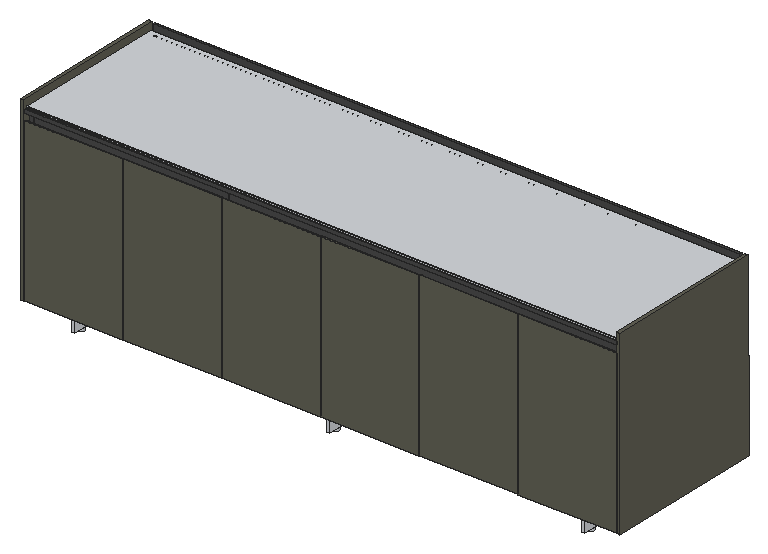
Revit family "Storage-Teknion-CW3B_C+D_Three_Storage_Credenza_29_Height_Low_Base-R2020", category Furniture, Revit 2020
Family settings
  OmniClass Number = 23.40.20.00
  OmniClass Title = General Furniture and Specialties
  Work Plane-Based = No
  Always vertical = Yes
  Cut with Voids When Loaded = No
  Shared = Yes
  Room Calculation Point = No
Parameters (values of type "24D x 90W")
  Width = 90.000"
  Warranty = "http://www.teknion.com/ca/papers/legal-canada"
  Top Finish [instance] = none
  Storage Option [instance] = "Please select one Storage Option. (CCC) All Close Storage is default."  # constant formula
  Right Waste [instance] = or([(ACW) Left A/V, Center Closed Storage, Right Wasted], [(VCW) Left A/V with Upper Drawer, Center Closed Storage, Right Wasted], [(CCW) Left Closed Storage,Center Closed, Right Waste], [(ADW) Left A/V, Center Drawers, Right Waste], [(DDW) Left Drawers, Center Drawers, Right Waste])  # no
  Right V&A Cut out [instance] = if(or([(WDA) Left Wasted, Center Drawers, Right A/V], [(WCA) Left Waste, Center Closed, Right A/V], [(WCV) Left Waste, Center Closed, Right A/V with Upper Drawer]), 15.000", 8.000")  # 8.000"
  Unit Weight URL = "http://www.teknion.com/ca/tools/assets#&asset=bee6a381-b954-425e-8283-5a2de3a804f2,f828d448-4b62-4231-9e5f-9a8991c0ed77"
  URL = "www.teknion.com"
  To render please download texture images found here [instance] = "https://assets.teknion.com/web/5e81352c1dfdb467/revit-material-swatches/"
  Sustainability Data = "https://www.teknion.com/ca/tools/assets#&topic=216f99a5-57a0-44fc-b10a-9dee9b29ae4c&asset=444deb64-fe58-4b68-981e-f75e97781df7,b4ff2d81-9f2e-437d-9659-7cffb09c31cf"
  Series = "C+D Conference Table"  # constant formula
  Right V&A 2D Lines [instance] = or([(WDA) Left Wasted, Center Drawers, Right A/V], [(WCA) Left Waste, Center Closed, Right A/V], [(WCV) Left Waste, Center Closed, Right A/V with Upper Drawer])  # no
  Right Drawers [instance] = or([(DDD) All Drawers], [(WDD) Left Waste , Center & Right Drawers])  # no
  Right Double Door [instance] = or([(WCV) Left Waste, Center Closed, Right A/V with Upper Drawer], [(WCA) Left Waste, Center Closed, Right A/V], [(WDA) Left Wasted, Center Drawers, Right A/V], [(WCC)  Left Waste , Center & Right Closed Storage], [(CCC) All Close Storage])  # yes
  Middle Right Node [instance] = or(Right Drawers, [(WCV) Left Waste, Center Closed, Right A/V with Upper Drawer])  # no
  Middle Left Node [instance] = Center Drawers  # no
  Left Waste [instance] = or([(WDA) Left Wasted, Center Drawers, Right A/V], [(WCV) Left Waste, Center Closed, Right A/V with Upper Drawer], [(WCA) Left Waste, Center Closed, Right A/V], [(WCC)  Left Waste , Center & Right Closed Storage], [(WDD) Left Waste , Center & Right Drawers])  # no
  Left V&A Cut Out [instance] = if(or([(ACW) Left A/V, Center Closed Storage, Right Wasted], [(VCW) Left A/V with Upper Drawer, Center Closed Storage, Right Wasted], [(ADW) Left A/V, Center Drawers, Right Waste]), 15.000", 8.000")  # 8.000"
  Left V&A 2D Lines [instance] = or([(ACW) Left A/V, Center Closed Storage, Right Wasted], [(VCW) Left A/V with Upper Drawer, Center Closed Storage, Right Wasted], [(ADW) Left A/V, Center Drawers, Right Waste])  # no
  Left Drawers [instance] = or([(DDW) Left Drawers, Center Drawers, Right Waste], [(DDD) All Drawers])  # no
  Left Double Door [instance] = or([(ADW) Left A/V, Center Drawers, Right Waste], [(VCW) Left A/V with Upper Drawer, Center Closed Storage, Right Wasted], [(ACW) Left A/V, Center Closed Storage, Right Wasted], [(CCW) Left Closed Storage,Center Closed, Right Waste], [(CCC) All Close Storage])  # yes
  Door L/R Size = 14.750"
  Door C Size = 14.750"
  Description = "C+D Three Storage Credenza, 29\" Height, Low Based, 24\" Depth, 90\" Width"
  Center Drawers [instance] = or([(WDA) Left Wasted, Center Drawers, Right A/V], [(WDD) Left Waste , Center & Right Drawers], [(DDW) Left Drawers, Center Drawers, Right Waste], [(ADW) Left A/V, Center Drawers, Right Waste], [(DDD) All Drawers])  # no
  Center Closed Storage [instance] = or([(ACW) Left A/V, Center Closed Storage, Right Wasted], [(VCW) Left A/V with Upper Drawer, Center Closed Storage, Right Wasted], [(WCC)  Left Waste , Center & Right Closed Storage], [(WCA) Left Waste, Center Closed, Right A/V], [(WCV) Left Waste, Center Closed, Right A/V with Upper Drawer], [(CCW) Left Closed Storage,Center Closed, Right Waste], [(CCC) All Close Storage])  # yes
  Case Finish [instance] = Veneer - Teknion - VP - Chia
  24 2D Node = yes
  20 2D Node = no
  (WCV) Left Waste, Center Closed, Right A/V with Upper Drawer [instance] = no
  (WDD) Left Waste , Center & Right Drawers [instance] = no
  (WCA) Left Waste, Center Closed, Right A/V [instance] = no
  (DDW) Left Drawers, Center Drawers, Right Waste [instance] = no
  (CCW) Left Closed Storage,Center Closed, Right Waste [instance] = no
  Product Page URL = "https://www.teknion.com/ca/products/product-details?productLineId=f681026f-8e7a-673b-a6c8-ff05004460c4"
  Product Line = "C+D Credenzas"  # constant formula
  Product Documentation Link = "https://www.teknion.com/pricing/cd-conference-table/pdfs/Credenzas_ppg.pdf"
  Part Number = "CW3B"  # constant formula
  Model = "CW3B_2490"
  Manufacturer Phone = "416-661-3370"  # constant formula
  Manufacturer Fax = "416.661.4586"  # constant formula
  Manufacturer Contact Information = "http://www.teknion.com/ca/contactus"
  Manufacturer Address = "1150 Flint Road, Toronto, ON. M3J 2J5. Canada"  # constant formula
  Manufacturer = "Teknion"  # constant formula
  (WDA) Left Wasted, Center Drawers, Right A/V [instance] = no
  (DDD) All Drawers [instance] = no
  (CCC) All Close Storage [instance] = not(or([(DDD) All Drawers], [(ACW) Left A/V, Center Closed Storage, Right Wasted], [(VCW) Left A/V with Upper Drawer, Center Closed Storage, Right Wasted], [(WDA) Left Wasted, Center Drawers, Right A/V], [(WCC)  Left Waste , Center & Right Closed Storage], [(WDD) Left Waste , Center & Right Drawers], [(WCA) Left Waste, Center Closed, Right A/V], [(WCV) Left Waste, Center Closed, Right A/V with Upper Drawer], [(CCW) Left Closed Storage,Center Closed, Right Waste], [(DDW) Left Drawers, Center Drawers, Right Waste], [(ADW) Left A/V, Center Drawers, Right Waste]))  # yes
  (VCW) Left A/V with Upper Drawer, Center Closed Storage, Right Wasted [instance] = no
  How To Use Teknion Materials User Guide [instance] = "https://assets.teknion.com/m/205dd0a49fa58060/original/How-to-add-a-Material-Library-and-Texture-Images-to-your-Revit-project.pdf"
  For Additional Finishes please visit [instance] = "https://assets.teknion.com/m/44a8009b046e5d47/original/Teknion_Materials_Library.zip"
  Depth = 24.000"
  Default Elevation = 0.000"
  Assembly Code = "E2020200"
  (WCC)  Left Waste , Center & Right Closed Storage [instance] = no
  (ADW) Left A/V, Center Drawers, Right Waste [instance] = no
  (ACW) Left A/V, Center Closed Storage, Right Wasted [instance] = no
Reference planes (in)
  plane 1 "Center Front/Back": y = -10
  plane 2: z = 0.00394
  plane 3 "Center Left/Right": x = 30
  plane 4 "Left": x = -15
  plane 5 "Right": x = 75
  plane 6 "Back": y = 2
  plane 7 "Front": y = -22
  plane 8 "Top": z = 30.00394
  plane 9: y = -1
  plane 10: y = -19
  plane 11: x = 0.37927
  plane 12: x = -14.4311
  plane 13: x = 74.4311
  plane 14: x = 59.62073
  plane 15: x = 15.18963
  plane 16: x = 44.81037
  plane 17: x = -8.25
  plane 18: x = 68.25
  plane 19: y = -21.23622
Forms (in)
  Sweep 1, solid, material "Veneer - Teknion - VP - Chia" <- "Case Finish"
    path origin (0, -10, 0) x (1, 0, 0) y (0, 0, 1)
      loop
        line (30, 30.00394) -> (30, 3.00394)
    profile origin (30, -10, 16.50394) x (0, -1, 0) y (1, 0, 0)
      loop
        line (-12, -45) -> (12, -45) -> (12, -44.46063) -> (-12, -44.46063) -> (-12, -45)
      loop
        line (-12, 45) -> (-12, 44.46063) -> (12, 44.46063) -> (12, 45) -> (-12, 45)
  Sweep 2, solid, material "Veneer - Teknion - VP - Chia" <- "Case Finish"
    path origin (30, 0, 0) x (0, 1, 0) y (0, 0, 1)
      loop
        line (1.21654, 26.95276) -> (1.21654, 3.00394)
    profile origin (30, 1.21654, 14.97835) x (1, 0, 0) y (0, 1, 0)
      loop
        line (-44.46063, 0.72441) -> (-44.46063, 0) -> (44.46063, 0) -> (44.46063, 0.72441) -> (-44.46063, 0.72441)
  Sweep 3, solid, material "Veneer - Teknion - VP - Chia" <- "Case Finish"
    path origin (0, -10, 0) x (1, 0, 0) y (0, 0, 1)
      loop
        line (-14.46063, 11.04331) -> (74.46063, 11.04331)
    profile origin (30, -10, 11.04331) x (0, 0, 1) y (0, -1, 0)
      loop
        line (-7, 11.03819) -> (-8.03937, 11.03819) -> (-8.03937, -11.21654) -> (-7, -11.21654) -> (-7, 11.03819)
  Sweep 4, solid, material "Veneer - Teknion - VP - Chia" <- "Case Finish"
    path origin (0, -10, 0) x (1, 0, 0) y (0, 0, 1)
      loop
        line (30, 4.04331) -> (30, 27.54331)
    profile origin (30, -10, 15.79331) x (-1, 0, 0) y (0, -1, 0)
      loop
        line (44.46063, -11.21654) -> (44.46063, 11.03819) -> (43.73622, 11.03819) -> (43.73622, -11.21654) -> (44.46063, -11.21654)
      loop
        line (15.17257, -11.21654) -> (15.17257, 11.03819) -> (14.44816, 11.03819) -> (14.44816, -11.21654) -> (15.17257, -11.21654)
      loop
        line (-43.73622, 11.03819) -> (-44.46063, 11.03819) -> (-44.46063, -11.21654) -> (-43.73622, -11.21654) -> (-43.73622, 11.03819)
      loop
        line (-14.44816, -11.21654) -> (-14.44816, 11.03819) -> (-15.17257, 11.03819) -> (-15.17257, -11.21654) -> (-14.44816, -11.21654)
  Sweep 5, solid, material "Veneer - Teknion - VP - Chia" <- "Case Finish"
    path origin (0, -10, 0) x (1, 0, 0) y (0, 0, 1)
      loop
        line (74.46063, 28.29134) -> (-14.46063, 28.29134)
    profile origin (30, -10, 28.29134) x (0, 0, -1) y (0, -1, 0)
      loop
        line (0, -11.76378) -> (0.74803, -11.76378) -> (0.74803, 11.03819) -> (0, 11.03819) -> (0, -11.76378)
  Sweep 6, solid, material "Veneer - Teknion - VP - Chia" <- "Case Finish", visible <- "Left Double Door"
    path origin (0, -10, 0) x (1, 0, 0) y (0, 0, 1)
      loop
        line (0.34938, 27.25197) -> (-14.40157, 27.25197)
    profile origin (-7.0261, -10, 27.25197) x (0, 0, -1) y (0, -1, 0)
      loop
        line (0, 11.96063) -> (0, 11.84252) -> (0.6063, 11.23622) -> (24.24803, 11.23622) -> (24.24803, 11.96063) -> (0, 11.96063)
  Sweep 7, solid, material "Veneer - Teknion - VP - Chia" <- "Case Finish", visible <- "Center Closed Storage"
    path origin (14.72047, -10, 0) x (1, 0, 0) y (0, 0, 1)
      loop
        line (15.24939, 27.25197) -> (0.49939, 27.25197)
    profile origin (22.59486, -10, 27.25197) x (0, 0, -1) y (0, -1, 0)
      loop
        line (0, 11.96063) -> (0, 11.84252) -> (0.6063, 11.23622) -> (24.24803, 11.23622) -> (24.24803, 11.96063) -> (0, 11.96063)
  Sweep 8, solid, material "Veneer - Teknion - VP - Chia" <- "Case Finish", visible <- "Center Closed Storage"
    path origin (29.44094, -10, 0) x (1, 0, 0) y (0, 0, 1)
      loop
        line (15.33987, 27.25197) -> (0.58882, 27.25197)
    profile origin (37.40529, -10, 27.25197) x (0, 0, -1) y (0, -1, 0)
      loop
        line (0, 11.96063) -> (0, 11.84252) -> (0.6063, 11.23622) -> (24.24803, 11.23622) -> (24.24803, 11.96063) -> (0, 11.96063)
  Sweep 9, solid, material "Veneer - Teknion - VP - Chia" <- "Case Finish", visible <- "Right Double Door"
    path origin (44.16142, -10, 0) x (1, 0, 0) y (0, 0, 1)
      loop
        line (30.24016, 27.25197) -> (15.48894, 27.25197)
    profile origin (67.02597, -10, 27.25197) x (0, 0, -1) y (0, -1, 0)
      loop
        line (0, 11.96063) -> (0, 11.84252) -> (0.6063, 11.23622) -> (24.24803, 11.23622) -> (24.24803, 11.96063) -> (0, 11.96063)
  Sweep 10, solid, material "Veneer - Teknion - VP - Chia" <- "Case Finish", visible <- "Left Drawers"
    path origin (0, -10, 0) x (1, 0, 0) y (0, 0, 1)
      loop
        line (-14.40157, 19.12992) -> (15.15947, 19.12992)
    profile origin (0.37895, -10, 19.12992) x (0, 0, 1) y (0, -1, 0)
      loop
        line (8.12205, 11.84252) -> (8.12205, 11.96063) -> (-3.5, 11.96063) -> (-3.5, 11.23622) -> (7.51575, 11.23622) -> (8.12205, 11.84252)
  Sweep 11, solid, material "Veneer - Teknion - VP - Chia" <- "Case Finish", visible <- "Left Drawers"
    path origin (0, -10, 0) x (1, 0, 0) y (0, 0, 1)
      loop
        line (15.15947, 18.12992) -> (-14.40157, 18.12992)
    profile origin (0.37895, -10, 18.12992) x (0, 0, -1) y (0, -1, 0)
      loop
        line (3.5, 11.96063) -> (3.5, 11.84252) -> (4.1063, 11.23622) -> (15.12598, 11.23622) -> (15.12598, 11.96063) -> (3.5, 11.96063)
  Sweep 12, solid, material "Veneer - Teknion - VP - Chia" <- "Case Finish", visible <- "Right Drawers"
    path origin (29.44094, -10, 0) x (1, 0, 0) y (0, 0, 1)
      loop
        line (15.39927, 19.12992) -> (44.96063, 19.12992)
    profile origin (59.62089, -10, 19.12992) x (0, 0, 1) y (0, -1, 0)
      loop
        line (8.12205, 11.84252) -> (8.12205, 11.96063) -> (-3.5, 11.96063) -> (-3.5, 11.23622) -> (7.51575, 11.23622) -> (8.12205, 11.84252)
  Sweep 13, solid, material "Veneer - Teknion - VP - Chia" <- "Case Finish", visible <- "Right Drawers"
    path origin (29.44094, -10, 0) x (1, 0, 0) y (0, 0, 1)
      loop
        line (44.96063, 18.12992) -> (15.39927, 18.12992)
    profile origin (59.62089, -10, 18.12992) x (0, 0, -1) y (0, -1, 0)
      loop
        line (3.5, 11.96063) -> (3.5, 11.84252) -> (4.1063, 11.23622) -> (15.12598, 11.23622) -> (15.12598, 11.96063) -> (3.5, 11.96063)
  Sweep 14, solid, material "Paint - Teknion - 52 - Ebony"
    path origin (0, 0, 0.00394) x (1, 0, 0) y (0, 1, 0)
      loop
        line (74.46063, -20.29016) -> (-14.46063, -20.29016)
    profile origin (30, -20.29016, 0.00394) x (0, -1, 0) y (0, 0, 1)
      loop
        line (1.67055, 28.78346) -> (1.27685, 28.78346) -> (1.27685, 28.33071) -> (0.74803, 28.33071) -> (0.74803, 27.54331) -> (0, 27.54331) -> (0, 26.32283) -> (0.82803, 26.32283) -> (0.82803, 28.25071) -> (1.67055, 28.25071) -> (1.67055, 28.78346)
  Sweep 15, solid, material "Paint - Teknion - 52 - Ebony"
    path origin (0, 0, 0.00394) x (1, 0, 0) y (0, 1, 0)
      loop
        line (-13.96063, 0.76378) -> (73.96063, 0.76378)
    profile origin (30, 0.76378, 0.00394) x (0, 1, 0) y (0, 0, 1)
      loop
        line (1.23622, 30) -> (1, 30) -> (1, 28.5793)
        arc (1, 28.5793) -> (1, 28.52362) -> (0.94432, 28.52362) r 0.03937
        line (0.94432, 28.52362) -> (0, 28.52362) -> (0, 28.2874) -> (0.94432, 28.2874)
        arc (0.94432, 28.2874) -> (1, 28.2874) -> (1, 28.23172) r 0.03937
        line (1, 28.23172) -> (1, 27.53937) -> (1.23622, 27.53937) -> (1.23622, 30)
  Sweep 16, solid, material "Veneer - Teknion - VP - Chia" <- "Case Finish", visible <- "Left Waste"
    path origin (0, -10, 0) x (1, 0, 0) y (0, 0, 1)
      loop
        line (15.15947, 27.25197) -> (-14.40157, 27.25197)
    profile origin (0.37895, -10, 27.25197) x (0, 0, -1) y (0, -1, 0)
      loop
        line (0, 11.84252) -> (0.6063, 11.23622) -> (24.24803, 11.23622) -> (24.24803, 11.96063) -> (0, 11.96063) -> (0, 11.84252)
  Sweep 17, solid, material "Veneer - Teknion - VP - Chia" <- "Case Finish", visible <- "Right Waste"
    path origin (29.44094, -10, 0) x (1, 0, 0) y (0, 0, 1)
      loop
        line (44.96063, 27.25197) -> (15.39927, 27.25197)
    profile origin (59.62089, -10, 27.25197) x (0, 0, -1) y (0, -1, 0)
      loop
        line (0, 11.84252) -> (0.6063, 11.23622) -> (24.24803, 11.23622) -> (24.24803, 11.96063) -> (0, 11.96063) -> (0, 11.84252)
  Sweep 18, solid, material <- "Top Finish"
    path origin (0, -10, 0) x (1, 0, 0) y (0, 0, 1)
      loop
        line (-14.46063, 29) -> (74.46063, 29)
    profile origin (30, -10, 29) x (0, 0, 1) y (0, -1, 0)
      loop
        arc (0, 11.66535) -> (-0.0173, 11.70711) -> (-0.05906, 11.72441) r 0.05906
        line (-0.05906, 11.72441) -> (-0.21654, 11.72441) -> (-0.21654, 11.48819) -> (-0.47244, 11.48819) -> (-0.47244, -11.76378) -> (0, -11.76378) -> (0, 11.66535)
  Sweep 19, solid, material "Paint - Teknion - 52 - Ebony", visible <- "Left Drawers"
    path origin (0, -10, 0) x (1, 0, 0) y (0, 0, 1)
      loop
        line (0.37927, 15.70866) -> (0.37927, 13.74016)
    profile origin (0.37927, -10, 14.72441) x (0, -1, 0) y (1, 0, 0)
      loop
        line (11.03819, -14.11549) -> (11.03819, -14.8399) -> (11.11319, -14.8399) -> (11.11319, 14.81037) -> (11.03819, 14.81037) -> (11.03819, 14.44816) -> (10.29016, 14.44816) -> (10.29016, -14.11549) -> (11.03819, -14.11549)
  Sweep 20, solid, material "Paint - Teknion - 52 - Ebony", visible <- "Right Drawers"
    path origin (29.46063, -10, 0) x (1, 0, 0) y (0, 0, 1)
      loop
        line (30.1601, 15.70866) -> (30.1601, 13.74016)
    profile origin (59.62073, -10, 14.72441) x (0, -1, 0) y (1, 0, 0)
      loop
        line (11.03819, -14.44816) -> (11.03819, -14.81037) -> (11.11319, -14.81037) -> (11.11319, 14.8399) -> (11.03819, 14.8399) -> (11.03819, 14.11549) -> (10.29016, 14.11549) -> (10.29016, -14.44816) -> (11.03819, -14.44816)
  Sweep 21, void
    path origin (74, -2.36839, 48) x (0, 1, 0) y (0, 0, 1)
      loop
        line (0.36839, -29.51969) -> (-7.63161, -29.51969)
    profile origin (74, -6, 18.48031) x (0, 0, -1) y (1, 0, 0)
      loop
        arc (-4.99606, -19.2956) -> (-4.92284, -19.47238) -> (-4.74606, -19.5456) r 0.25
        line (-4.74606, -19.5456) -> (4.75394, -19.5456)
        arc (4.75394, -19.5456) -> (4.93071, -19.47238) -> (5.00394, -19.2956) r 0.25
        line (5.00394, -19.2956) -> (5.00394, -9.7956)
        arc (5.00394, -9.7956) -> (4.93071, -9.61883) -> (4.75394, -9.5456) r 0.25
        line (4.75394, -9.5456) -> (-4.74606, -9.5456)
        arc (-4.74606, -9.5456) -> (-4.92284, -9.61883) -> (-4.99606, -9.7956) r 0.25
        line (-4.99606, -9.7956) -> (-4.99606, -19.2956)
  Sweep 22, void
    path origin (74, -2.36839, 48) x (0, 1, 0) y (0, 0, 1)
      loop
        line (-7.63161, -29.52362) -> (0.36839, -29.52362)
    profile origin (74, -6, 18.47638) x (0, 0, 1) y (1, 0, 0)
      loop
        line (5, -78.2044) -> (5, -68.7044)
        arc (5, -68.7044) -> (4.92678, -68.52762) -> (4.75, -68.4544) r 0.25
        line (4.75, -68.4544) -> (-4.75, -68.4544)
        arc (-4.75, -68.4544) -> (-4.92678, -68.52762) -> (-5, -68.7044) r 0.25
        line (-5, -68.7044) -> (-5, -78.2044)
        arc (-5, -78.2044) -> (-4.92678, -78.38117) -> (-4.75, -78.4544) r 0.25
        line (-4.75, -78.4544) -> (4.75, -78.4544)
        arc (4.75, -78.4544) -> (4.92678, -78.38117) -> (5, -78.2044) r 0.25
  Sweep 23, solid, material "Veneer - Teknion - VP - Chia" <- "Case Finish", visible <- "Left Double Door"
    path origin (17.81009, -10, 0) x (1, 0, 0) y (0, 0, 1)
      loop
        line (-2.65062, 27.25197) -> (-17.40062, 27.25197)
    profile origin (7.78447, -10, 27.25197) x (0, 0, -1) y (0, -1, 0)
      loop
        line (0, 11.96063) -> (0, 11.84252) -> (0.6063, 11.23622) -> (24.24803, 11.23622) -> (24.24803, 11.96063) -> (0, 11.96063)
  Sweep 24, solid, material "Veneer - Teknion - VP - Chia" <- "Case Finish", visible <- "Right Double Door"
    path origin (26.35127, -10, 0) x (1, 0, 0) y (0, 0, 1)
      loop
        line (33.23982, 27.25197) -> (18.48894, 27.25197)
    profile origin (52.21565, -10, 27.25197) x (0, 0, -1) y (0, -1, 0)
      loop
        line (0, 11.96063) -> (0, 11.84252) -> (0.6063, 11.23622) -> (24.24803, 11.23622) -> (24.24803, 11.96063) -> (0, 11.96063)
  Sweep 25, solid, material "Paint - Teknion - 52 - Ebony", visible <- "Center Drawers"
    path origin (35.62073, -10, 0) x (1, 0, 0) y (0, 0, 1)
      loop
        line (-5.62073, 15.70866) -> (-5.62073, 13.74016)
    profile origin (30, -10, 14.72441) x (0, -1, 0) y (1, 0, 0)
      loop
        line (11.03819, -14.44816) -> (11.03819, -14.81037) -> (11.11319, -14.81037) -> (11.11319, 14.81037) -> (11.03819, 14.81037) -> (11.03819, 14.44816) -> (10.29016, 14.44816) -> (10.29016, -14.44816) -> (11.03819, -14.44816)
  Sweep 26, solid, material "Veneer - Teknion - VP - Chia" <- "Case Finish", visible <- "Center Drawers"
    path origin (-6.17979, -10, 0) x (1, 0, 0) y (0, 0, 1)
      loop
        line (21.39965, 19.12992) -> (50.9606, 19.12992)
    profile origin (30.00034, -10, 19.12992) x (0, 0, 1) y (0, -1, 0)
      loop
        line (8.12205, 11.84252) -> (8.12205, 11.96063) -> (-3.5, 11.96063) -> (-3.5, 11.23622) -> (7.51575, 11.23622) -> (8.12205, 11.84252)
  Sweep 27, solid, material "Veneer - Teknion - VP - Chia" <- "Case Finish", visible <- "Center Drawers"
    path origin (-6.17979, -10, 0) x (1, 0, 0) y (0, 0, 1)
      loop
        line (50.9606, 18.12992) -> (21.39965, 18.12992)
    profile origin (30.00034, -10, 18.12992) x (0, 0, -1) y (0, -1, 0)
      loop
        line (3.5, 11.96063) -> (3.5, 11.84252) -> (4.1063, 11.23622) -> (15.12598, 11.23622) -> (15.12598, 11.96063) -> (3.5, 11.96063)
  Sweep 28, solid
    path origin (0, -10, 0) x (1, 0, 0) y (0, 0, 1)
      loop
        line (-8.25, 0.27953) -> (-8.25, 0.00394)
    profile origin (-8.25, -10, 0.14173) x (0, -1, 0) y (1, 0, 0)
      loop
        circle (9, 0) r 0.41476
      loop
        circle (9, 0) r 0.12964
      loop
        circle (-9, 0) r 0.41476
      loop
        circle (-9, 0) r 0.12964
      loop
        circle (9, 38.25) r 0.41476
      loop
        circle (9, 38.25) r 0.12964
      loop
        circle (-9, 38.25) r 0.41476
      loop
        circle (-9, 38.25) r 0.12964
      loop
        circle (-9, 76.5) r 0.41476
      loop
        circle (-9, 76.5) r 0.12964
      loop
        circle (9, 76.5) r 0.41476
      loop
        circle (9, 76.5) r 0.12964
  Sweep 29, solid
    path origin (0, -10, 0) x (1, 0, 0) y (0, 0, 1)
      loop
        line (-8.25, 3.00394) -> (-8.25, 0.27953)
    profile origin (-8.25, -10, 1.64173) x (0, -1, 0) y (1, 0, 0)
      loop
        line (-10.5, -0.25) -> (10.5, -0.25) -> (10.5, 0.25) -> (-10.5, 0.25) -> (-10.5, -0.25)
      loop
        line (-10.5, 76.25) -> (10.5, 76.25) -> (10.5, 76.75) -> (-10.5, 76.75) -> (-10.5, 76.25)
      loop
        line (10.5, 38) -> (10.5, 38.5) -> (-10.5, 38.5) -> (-10.5, 38) -> (10.5, 38)
  Sweep 30, solid
    path origin (0, -10, 0) x (1, 0, 0) y (0, 0, 1)
      loop
        line (30, 3.00394) -> (30, 0.27953)
    profile origin (30, -10, 1.64173) x (0, -1, 0) y (1, 0, 0)
      loop
        line (-8.5, -38) -> (2.5, -38) -> (2.5, -0.25) -> (-8.5, -0.25) -> (-8.5, -38)
      loop
        line (-8.5, 0.25) -> (2.5, 0.25) -> (2.5, 38) -> (-8.5, 38) -> (-8.5, 0.25)
      loop
        line (-7.75, -37.25) -> (1.75, -37.25) -> (1.75, -1) -> (-7.75, -1) -> (-7.75, -37.25)
      loop
        line (-7.75, 1) -> (1.75, 1) -> (1.75, 37.25) -> (-7.75, 37.25) -> (-7.75, 1)
Cuts and joins
  Sweep 21, Sweep 22 cuts Sweep 2
Lines and regions (in)
  Masking region 1
    outline origin (0, 0, 0.00394) x (1, 0, 0) y (0, 1, 0)
      loop
        line (-15, 2) -> (-15, -22) -> (-14.46063, -22) -> (-14.46063, -21.96071) -> (74.46063, -21.96071) -> (74.46063, -22) -> (75, -22) -> (75, 2) -> (74.46063, 2) -> (74.46063, 1.94094) -> (73.96063, 1.94094) -> (73.96063, 2) -> (-13.96063, 2) -> (-13.96063, 1.94094) -> (-14.46063, 1.94094) -> (-14.46063, 2) -> (-15, 2)
  symbolic lines
    curve 1: line (-14.46063, -22, 0.00394) -> (-14.46063, 2, 0.00394)
    curve 2: line (-14.46063, -21.72441, 0.00394) -> (74.46063, -21.72441, 0.00394)
    curve 3: line (74.46063, 2, 0.00394) -> (74.46063, -22, 0.00394)
    curve 4: line (74.46063, 1.76378, 0.00394) -> (-14.46063, 1.76378, 0.00394)
    curve 5: line (73.96063, 2, 0.00394) -> (73.96063, 1.76378, 0.00394)
    curve 6: line (-13.96063, 2, 0.00394) -> (-13.96063, 1.76378, 0.00394)
  symbolic lines, style "FurnitureHiddenLines", detail levels medium+fine
    curve 7: line (74.46063, 1.94094, 0.00394) -> (-14.46063, 1.94094, 0.00394)
    curve 8: line (-13.96063, 0.76378, 0.00394) -> (73.96063, 0.76378, 0.00394)
    curve 9: line (74.46063, 1.21654, 0.00394) -> (-14.46063, 1.21654, 0.00394)
    curve 10: line (-13.73622, -21.03819, 0.00394) -> (-13.73622, 1.21654, 0.00394)
    curve 11: line (-13.96063, 0.76378, 0.00394) -> (-13.96063, 2, 0.00394)
    curve 12: line (73.96063, 1.7081, 0.00394) -> (-13.96063, 1.7081, 0.00394)
    curve 13: line (73.73622, 1.21654, 0.00394) -> (73.73622, -21.03819, 0.00394)
    curve 14: line (74.46063, -21.03819, 0.00394) -> (-14.46063, -21.03819, 0.00394)
    curve 15: line (14.82743, 1.21654, 0.00394) -> (14.82743, -21.03819, 0.00394)
    curve 16: line (15.55184, -21.03819, 0.00394) -> (15.55184, 1.21654, 0.00394)
    curve 17: line (74.46063, -20.29016, 0.00394) -> (-14.46063, -20.29016, 0.00394)
    curve 18: line (-14.46063, -21.11819, 0.00394) -> (74.46063, -21.11819, 0.00394)
    curve 19: line (74.46063, -21.56701, 0.00394) -> (-14.46063, -21.56701, 0.00394)
    curve 20: line (-14.46063, -21.48819, 0.00394) -> (74.46063, -21.48819, 0.00394)
    curve 31: line (-14.40157, -21.23622, 0.00394) -> (-14.40157, -21.96063, 0.00394)
    curve 51: line (44.44816, 1.21654, 0.00394) -> (44.44816, -21.03819, 0.00394)
    curve 52: line (45.17257, -21.03819, 0.00394) -> (45.17257, 1.21654, 0.00394)
    curve 53: line (45.17257, 1.21654, 0.00394) -> (44.44816, 1.21654, 0.00394)
    curve 54: line (44.44816, -21.03819, 0.00394) -> (45.17257, -21.03819, 0.00394)
    curve 126: line (15.15947, -21.23622, 0.00394) -> (0.40947, -21.23622, 0.00394)
  symbolic lines, style "FurnitureHiddenLines", visible <- "Left Double Door", detail levels medium+fine
    curve 21: line (-14.40157, -21.23622, 0.00394) -> (-14.40157, -21.96063, 0.00394)
    curve 22: line (0.34938, -21.23622, 0.00394) -> (0.34938, -21.96063, 0.00394)
    curve 23: line (0.34938, -21.23622, 0.00394) -> (-14.40157, -21.23622, 0.00394)
    curve 24: line (15.21986, -21.23622, 0.00394) -> (15.21986, -21.96063, 0.00394)
    curve 55: line (0.40947, -21.23622, 0.00394) -> (15.15947, -21.23622, 0.00394)
    curve 56: line (0.40947, -21.96063, 0.00394) -> (0.40947, -21.23622, 0.00394)
    curve 57: line (15.15947, -21.96063, 0.00394) -> (0.40947, -21.96063, 0.00394)
    curve 58: line (15.15947, -21.23622, 0.00394) -> (15.15947, -21.96063, 0.00394)
  symbolic lines, style "FurnitureHiddenLines", visible <- "Right Double Door", detail levels medium+fine
    curve 25: line (44.78081, -21.23622, 0.00394) -> (44.78081, -21.96063, 0.00394)
    curve 26: line (44.84021, -21.23622, 0.00394) -> (44.84021, -21.96063, 0.00394)
    curve 27: line (74.40157, -21.23622, 0.00394) -> (59.65036, -21.23622, 0.00394)
    curve 28: line (59.65036, -21.23622, 0.00394) -> (59.65036, -21.96063, 0.00394)
    curve 29: line (74.40157, -21.23622, 0.00394) -> (74.40157, -21.96063, 0.00394)
    curve 67: line (59.59109, -21.23622, 0.00394) -> (44.84021, -21.23622, 0.00394)
    curve 68: line (44.84021, -21.96063, 0.00394) -> (59.59109, -21.96063, 0.00394)
    curve 69: line (59.59109, -21.23622, 0.00394) -> (59.59109, -21.96063, 0.00394)
  symbolic lines, style "FurnitureHiddenLines", visible <- "Left Waste", detail levels medium+fine
    curve 30: line (15.15947, -21.23622, 0.00394) -> (15.15947, -21.96063, 0.00394)
    curve 127: line (15.15947, -21.23622, 0.00394) -> (0.40947, -21.23622, 0.00394)
  symbolic lines, style "FurnitureHiddenLines", visible <- "Right Drawers", detail levels medium+fine
    curve 32: line (44.84021, -21.23622, 0.00394) -> (44.84021, -21.96063, 0.00394)
    curve 33: line (74.40157, -21.23622, 0.00394) -> (44.84021, -21.23622, 0.00394)
    curve 34: line (74.40157, -21.23622, 0.00394) -> (74.40157, -21.96063, 0.00394)
  symbolic lines, style "FurnitureHiddenLines", visible <- "Left Drawers", detail levels medium+fine
    curve 35: line (-14.40157, -21.96063, 0.00394) -> (-14.40157, -21.23622, 0.00394)
    curve 36: line (15.15947, -21.23622, 0.00394) -> (-14.40157, -21.23622, 0.00394)
    curve 129: line (15.15947, -21.23622, 0.00394) -> (15.15947, -21.96063, 0.00394)
  symbolic lines, style "FurnitureHiddenLines", visible <- "Right Waste", detail levels medium+fine
    curve 37: line (74.40157, -21.96063, 0.00394) -> (74.40157, -21.23622, 0.00394)
    curve 38: line (74.40157, -21.23622, 0.00394) -> (44.84021, -21.23622, 0.00394)
    curve 125: line (44.84021, -21.23622, 0.00394) -> (44.84021, -21.96063, 0.00394)
  reference lines
    curve 39: line (-15, 2, 0.00394) -> (75, 2, 0.00394)
    curve 40: line (-15, 4, 0.00394) -> (-15, -24, 0.00394)
    curve 41: line (-15, -22, 0.00394) -> (75, -22, 0.00394)
    curve 42: line (75, 4, 0.00394) -> (75, -24, 0.00394)
  symbolic lines, style "FurnitureHiddenLines", visible <- "Left V&A 2D Lines", detail levels medium+fine
    curve 43: line (-4.4544, 1.94094, 0.00394) -> (5.5456, 1.94094, 0.00394)
    curve 44: line (-4.4544, 1.21654, 0.00394) -> (-4.4544, 1.94094, 0.00394)
    curve 45: line (5.5456, 1.21654, 0.00394) -> (-4.4544, 1.21654, 0.00394)
    curve 46: line (5.5456, 1.94094, 0.00394) -> (5.5456, 1.21654, 0.00394)
  symbolic lines, style "FurnitureHiddenLines", visible <- "Right V&A 2D Lines", detail levels medium+fine
    curve 47: line (54.4544, 1.94094, 0.00394) -> (64.4544, 1.94094, 0.00394)
    curve 48: line (54.4544, 1.21654, 0.00394) -> (54.4544, 1.94094, 0.00394)
    curve 49: line (64.4544, 1.21654, 0.00394) -> (54.4544, 1.21654, 0.00394)
    curve 50: line (64.4544, 1.94094, 0.00394) -> (64.4544, 1.21654, 0.00394)
  symbolic lines, style "FurnitureHiddenLines", visible <- "Center Closed Storage", detail levels medium+fine
    curve 59: line (15.21986, -21.23622, 0.00394) -> (29.96986, -21.23622, 0.00394)
    curve 60: line (15.21986, -21.96063, 0.00394) -> (15.21986, -21.23622, 0.00394)
    curve 61: line (29.96986, -21.96063, 0.00394) -> (15.21986, -21.96063, 0.00394)
    curve 62: line (29.96986, -21.23622, 0.00394) -> (29.96986, -21.96063, 0.00394)
    curve 63: line (30.02977, -21.96063, 0.00394) -> (44.78081, -21.96063, 0.00394)
    curve 64: line (30.02977, -21.23622, 0.00394) -> (30.02977, -21.96063, 0.00394)
    curve 65: line (44.78081, -21.23622, 0.00394) -> (30.02977, -21.23622, 0.00394)
    curve 66: line (44.78081, -21.96063, 0.00394) -> (44.78081, -21.23622, 0.00394)
  symbolic lines, style "FurnitureHiddenLines", visible <- "Center Drawers", detail levels medium+fine
    curve 70: line (15.21986, -21.23622, 0.00394) -> (44.78081, -21.23622, 0.00394)
    curve 71: line (15.21986, -21.96063, 0.00394) -> (15.21986, -21.23622, 0.00394)
    curve 72: line (44.78081, -21.96063, 0.00394) -> (15.21986, -21.96063, 0.00394)
    curve 128: line (44.78081, -21.96063, 0.00394) -> (44.78081, -21.23622, 0.00394)
  symbolic lines, style "FurnitureHiddenLines", detail levels fine
    curve 73: line (-8.5, 0.5, 0.00394) -> (-8, 0.5, 0.00394)
    curve 74: line (-8.5, -20.5, 0.00394) -> (-8.5, 0.5, 0.00394)
    curve 75: line (-8, -20.5, 0.00394) -> (-8.5, -20.5, 0.00394)
    curve 76: line (-8, 0.5, 0.00394) -> (-8, -20.5, 0.00394)
    curve 77: line (29.75, 0.5, 0.00394) -> (30.25, 0.5, 0.00394)
    curve 78: line (29.75, -20.5, 0.00394) -> (29.75, 0.5, 0.00394)
    curve 79: line (30.25, -20.5, 0.00394) -> (29.75, -20.5, 0.00394)
    curve 80: line (30.25, 0.5, 0.00394) -> (30.25, -20.5, 0.00394)
    curve 81: line (68, 0.5, 0.00394) -> (68.5, 0.5, 0.00394)
    curve 82: line (68, -20.5, 0.00394) -> (68, 0.5, 0.00394)
    curve 83: line (68.5, -20.5, 0.00394) -> (68, -20.5, 0.00394)
    curve 84: line (68.5, 0.5, 0.00394) -> (68.5, -20.5, 0.00394)
    curve 85: line (-8, -1.5, 0.00394) -> (29.75, -1.5, 0.00394)
    curve 86: line (-8, -12.5, 0.00394) -> (-8, -1.5, 0.00394)
    curve 87: line (29.75, -12.5, 0.00394) -> (-8, -12.5, 0.00394)
    curve 88: line (29.75, -1.5, 0.00394) -> (29.75, -12.5, 0.00394)
    curve 89: line (-7.25, -11.75, 0.00394) -> (29, -11.75, 0.00394)
    curve 90: line (-7.25, -2.25, 0.00394) -> (-7.25, -11.75, 0.00394)
    curve 91: line (29, -2.25, 0.00394) -> (-7.25, -2.25, 0.00394)
    curve 92: line (29, -11.75, 0.00394) -> (29, -2.25, 0.00394)
    curve 93: line (30.25, -1.5, 0.00394) -> (68, -1.5, 0.00394)
    curve 94: line (30.25, -12.5, 0.00394) -> (30.25, -1.5, 0.00394)
    curve 95: line (68, -12.5, 0.00394) -> (30.25, -12.5, 0.00394)
    curve 96: line (68, -1.5, 0.00394) -> (68, -12.5, 0.00394)
    curve 97: line (31, -11.75, 0.00394) -> (67.25, -11.75, 0.00394)
    curve 98: line (31, -2.25, 0.00394) -> (31, -11.75, 0.00394)
    curve 99: line (67.25, -2.25, 0.00394) -> (31, -2.25, 0.00394)
    curve 100: line (67.25, -11.75, 0.00394) -> (67.25, -2.25, 0.00394)
    curve 101: arc (30, -1.41476, 0.00394) -> (30.41476, -1, 0.00394) -> (30, -0.58524, 0.00394) r 0.41476
    curve 102: arc (30, -0.58524, 0.00394) -> (29.58524, -1, 0.00394) -> (30, -1.41476, 0.00394) r 0.41476
    curve 103: arc (30, -1.12964, 0.00394) -> (29.87036, -1, 0.00394) -> (30, -0.87036, 0.00394) r 0.12964
    curve 104: arc (30, -0.87036, 0.00394) -> (30.12964, -1, 0.00394) -> (30, -1.12964, 0.00394) r 0.12964
    curve 105: arc (30, -19.41476, 0.00394) -> (30.41476, -19, 0.00394) -> (30, -18.58524, 0.00394) r 0.41476
    curve 106: arc (30, -18.58524, 0.00394) -> (29.58524, -19, 0.00394) -> (30, -19.41476, 0.00394) r 0.41476
    curve 107: arc (30, -19.12964, 0.00394) -> (29.87036, -19, 0.00394) -> (30, -18.87036, 0.00394) r 0.12964
    curve 108: arc (30, -18.87036, 0.00394) -> (30.12964, -19, 0.00394) -> (30, -19.12964, 0.00394) r 0.12964
    curve 109: arc (-8.25, -18.58524, 0.00394) -> (-8.66476, -19, 0.00394) -> (-8.25, -19.41476, 0.00394) r 0.41476
    curve 110: arc (-8.25, -19.41476, 0.00394) -> (-7.83524, -19, 0.00394) -> (-8.25, -18.58524, 0.00394) r 0.41476
    curve 111: arc (-8.25, -19.12964, 0.00394) -> (-8.37964, -19, 0.00394) -> (-8.25, -18.87036, 0.00394) r 0.12964
    curve 112: arc (-8.25, -18.87036, 0.00394) -> (-8.12036, -19, 0.00394) -> (-8.25, -19.12964, 0.00394) r 0.12964
    curve 113: arc (-8.25, -0.58524, 0.00394) -> (-8.66476, -1, 0.00394) -> (-8.25, -1.41476, 0.00394) r 0.41476
    curve 114: arc (-8.25, -1.41476, 0.00394) -> (-7.83524, -1, 0.00394) -> (-8.25, -0.58524, 0.00394) r 0.41476
    curve 115: arc (-8.25, -0.87036, 0.00394) -> (-8.12036, -1, 0.00394) -> (-8.25, -1.12964, 0.00394) r 0.12964
    curve 116: arc (-8.25, -1.12964, 0.00394) -> (-8.37964, -1, 0.00394) -> (-8.25, -0.87036, 0.00394) r 0.12964
    curve 117: arc (68.25, -0.58524, 0.00394) -> (67.83524, -1, 0.00394) -> (68.25, -1.41476, 0.00394) r 0.41476
    curve 118: arc (68.25, -1.41476, 0.00394) -> (68.66476, -1, 0.00394) -> (68.25, -0.58524, 0.00394) r 0.41476
    curve 119: arc (68.25, -0.87036, 0.00394) -> (68.37964, -1, 0.00394) -> (68.25, -1.12964, 0.00394) r 0.12964
    curve 120: arc (68.25, -1.12964, 0.00394) -> (68.12036, -1, 0.00394) -> (68.25, -0.87036, 0.00394) r 0.12964
    curve 121: arc (68.25, -18.58524, 0.00394) -> (67.83524, -19, 0.00394) -> (68.25, -19.41476, 0.00394) r 0.41476
    curve 122: arc (68.25, -19.41476, 0.00394) -> (68.66476, -19, 0.00394) -> (68.25, -18.58524, 0.00394) r 0.41476
    curve 123: arc (68.25, -18.87036, 0.00394) -> (68.37964, -19, 0.00394) -> (68.25, -19.12964, 0.00394) r 0.12964
    curve 124: arc (68.25, -19.12964, 0.00394) -> (68.12036, -19, 0.00394) -> (68.25, -18.87036, 0.00394) r 0.12964
Dimensions and locks (in)
  "Width": plane 4 "Left" to plane 5 "Right"
  "Depth": plane 6 "Back" to plane 7 "Front"
  plane 8 "Top" to level = 30.000"
  locked: Sweep 1 sketch curve to Sweep 1 sketch curve at 0.53937  (x2)
  Sweep 2 sketch curve to plane 6 "Back" = 0.78346"
  plane 6 "Back" to Sweep 2 sketch curve to Sweep 2 sketch curve = 0.05906" locked, 0.72441" locked
  locked: Sweep 3 sketch curve to plane 2 at 11.03937
  plane 2 to Sweep 3 sketch curve to Sweep 3 sketch curve = 3.000" locked, 1.03937" locked
  locked: Sweep 4 sketch curve to Sweep 4 sketch curve at 0.72441  (x2)
  locked: plane 7 "Front" to Sweep 3 sketch curve at 0.96181
  equal spacing: plane 4 "Left", plane 3 "Center Left/Right", plane 5 "Right"
  locked: plane 6 "Back" to Sweep 5 sketch curve at 0.23622
  locked: Sweep 5 sketch curve to plane 7 "Front" at 0.96181
  locked: Sweep 5 sketch curve to Sweep 5 sketch curve at 0.74803
  plane 7 "Front" to Sweep 6 sketch curve to Sweep 6 sketch curve = 0.03937" locked, 0.72441" locked
  Sweep 6 sketch curve to Sweep 6 sketch curve to Sweep 6 sketch curve = 23.64173" locked, 0.6063" locked
  Sweep 7 sketch curve to Sweep 7 sketch curve to Sweep 7 sketch curve = 23.64173" locked, 0.6063" locked
  Sweep 8 sketch curve to Sweep 8 sketch curve to Sweep 8 sketch curve = 23.64173" locked, 0.6063" locked
  locked: Sweep 10 sketch curve to plane 2 at 19.12598
  Sweep 10 sketch curve to Sweep 10 sketch curve to Sweep 9 to plane 8 "Top" = 11.01575" locked, 0.6063" locked, 2.75197" locked
  plane 7 "Front" to Sweep 10 sketch curve to Sweep 10 sketch curve = 0.03937" locked, 0.72441" locked
  locked: Sweep 11 sketch curve to plane 2 at 18.12598
  plane 2 to Sweep 9 to Sweep 11 sketch curve to Sweep 11 sketch curve = 3.000" locked, 11.01969" locked, 0.6063" locked
  plane 7 "Front" to Sweep 11 sketch curve to Sweep 11 sketch curve = 0.03937" locked, 0.72441" locked
  locked: Sweep 12 sketch curve to Sweep 12 sketch curve at 11.01575
  locked: Sweep 12 sketch curve to Sweep 12 sketch curve at 0.72441
  locked: Sweep 13 sketch curve to Sweep 13 sketch curve at 0.6063
  locked: Sweep 13 sketch curve to Sweep 13 sketch curve at 0.72441
  locked: Sweep 12 sketch curve to plane 2 at 19.12598
  locked: Sweep 9 to Sweep 12 sketch curve at 0.6063
  locked: plane 7 "Front" to Sweep 12 sketch curve at 0.03937
  locked: Sweep 13 sketch curve to plane 2 at 18.12598
  Sweep 13 sketch curve to Sweep 9 to plane 2 = 11.01969" locked, 3.000" locked
  locked: plane 7 "Front" to Sweep 13 sketch curve at 0.03937
  locked: plane 4 "Left" to Sweep 14 sketch curve at 0.53937
  locked: Sweep 14 sketch curve to plane 5 "Right" at 0.53937
  locked: plane 7 "Front" to Sweep 14 sketch curve at 1.70984
  plane 7 "Front" to Sweep 14 sketch curve to Sweep 14 sketch curve to Sweep 14 sketch curve to Sweep 14 sketch curve = 0.03929" locked, 0.3937" locked, 0.44882" locked, 0.080" locked
  locked: Sweep 14 sketch curve to Sweep 14 sketch curve at 0.74803
  Sweep 14 sketch curve to Sweep 14 sketch curve to Sweep 14 sketch curve to Sweep 14 sketch curve to Sweep 14 sketch curve = 0.45276" locked, 0.080" locked, 0.7074" locked, 1.22047" locked
  locked: plane 4 "Left" to Sweep 15 sketch curve at 1.03937
  locked: Sweep 15 sketch curve to plane 5 "Right" at 1.03937
  locked: plane 6 "Back" to Sweep 15 sketch curve at 1.23622
  Sweep 15 sketch curve to Sweep 15 sketch curve to Sweep 15 sketch curve to Sweep 15 sketch curve = 1.47638" locked, 0.23622" locked, 0.74803" locked
  Sweep 15 sketch curve to Sweep 15 sketch curve to Sweep 15 sketch curve to Sweep 15 sketch curve = 1.000" locked, 0.000" locked, 0.23622" locked
  locked: plane 6 "Back" to plane 9 at 3
  locked: plane 7 "Front" to plane 10 at 3
  locked: plane 8 "Top" to Sweep 16 sketch curve at 2.75197
  plane 7 "Front" to Sweep 16 sketch curve to Sweep 16 sketch curve to Sweep 16 sketch curve = 0.03937" locked, 0.11811" locked, 0.6063" locked
  plane 8 "Top" to Sweep 16 sketch curve to Sweep 16 sketch curve = 2.75197" locked, 24.24803" locked
  Sweep 17 sketch curve to Sweep 17 sketch curve to Sweep 17 sketch curve = 0.11811" locked, 0.6063" locked
  locked: Sweep 17 sketch curve to Sweep 17 sketch curve at 24.24803
  locked: plane 8 "Top" to Sweep 17 sketch curve at 2.75197  (x2)
  locked: plane 7 "Front" to Sweep 17 sketch curve at 0.03937
  locked: Sweep 18 sketch curve to plane 4 "Left" at 0.53937
  locked: Sweep 18 sketch curve to plane 5 "Right" at 0.53937
  locked: plane 8 "Top" to Sweep 18 sketch curve at 1.00394
  plane 8 "Top" to Sweep 18 sketch curve to Sweep 18 sketch curve = 1.00394" locked, 0.47244" locked
  plane 7 "Front" to Sweep 18 sketch curve to Sweep 18 sketch curve = 0.27559" locked, 0.23622" locked
  locked: Sweep 18 sketch curve to plane 6 "Back" at 0.23622
  equal spacing: plane 6 "Back", plane 1 "Center Front/Back", plane 7 "Front"
  plane 7 "Front" to Sweep 7 sketch curve to Sweep 7 sketch curve = 0.03937" locked, 0.72441" locked
  plane 7 "Front" to Sweep 9 sketch curve to Sweep 9 sketch curve = 0.03937" locked, 0.72441" locked
  locked: plane 8 "Top" to Sweep 9 sketch curve at 2.75197  (x2)
  plane 7 "Front" to Sweep 8 sketch curve to Sweep 8 sketch curve = 0.03937" locked, 0.72441" locked
  locked: plane 8 "Top" to Sweep 8 sketch curve at 2.75197  (x2)
  locked: plane 8 "Top" to Sweep 7 sketch curve at 2.75197
  locked: plane 8 "Top" to Sweep 6 sketch curve at 2.75197
  locked: plane 12 to plane 4 "Left" at 0.5689
  locked: plane 13 to plane 5 "Right" at 0.5689
  plane 8 "Top" to Sweep 19 sketch curve to Sweep 19 sketch curve = 14.29528" locked, 1.9685" locked
  locked: plane 12 to Sweep 19 sketch curve at 0.69488
  plane 7 "Front" to Sweep 19 sketch curve to Sweep 19 sketch curve to Sweep 19 sketch curve to Sweep 19 sketch curve = 0.88681" locked, 0.075" locked, 0.000" locked, 0.74803" locked
  locked: Sweep 20 sketch curve to Sweep 20 sketch curve at 1.9685
  Sweep 20 sketch curve to Sweep 20 sketch curve to Sweep 20 sketch curve to Sweep 20 sketch curve = 0.075" locked, 0.000" locked, 0.74803" locked
  locked: plane 8 "Top" to Sweep 20 sketch curve at 14.29528
  locked: plane 7 "Front" to Sweep 20 sketch curve at 0.88681
  locked: Sweep 20 sketch curve to plane 13 at 0.69488
  "Right V&A Cut out": Sweep 21 sketch curve to Sweep 21 sketch curve
  locked: Sweep 21 sketch curve to plane 2 at 18.47638
  plane 8 "Top" to Sweep 21 sketch curve to Sweep 21 sketch curve = 6.52756" locked, 10.000" locked
  Sweep 21 sketch curve to plane 14 to Sweep 21 sketch curve = 5.16634" locked, 4.83366" locked
  "Left V&A Cut Out": Sweep 22 sketch curve to Sweep 22 sketch curve
  locked: plane 8 "Top" to Sweep 22 sketch curve at 11.52756
  Sweep 22 sketch curve to plane 11 to Sweep 22 sketch curve = 4.83366" locked, 5.16634" locked
  plane 8 "Top" to Sweep 22 sketch curve to Sweep 22 sketch curve = 6.52756" locked, 10.000" locked
  equal spacing: plane 3 "Center Left/Right", plane 15, plane 11, plane 12
  equal spacing: plane 13, plane 14, plane 16, plane 3 "Center Left/Right"
  locked: Sweep 16 sketch curve to plane 12 at 0.02953
  locked: plane 15 to Sweep 16 sketch curve at 0.03016
  locked: Sweep 6 sketch curve to plane 12 at 0.02953
  locked: Sweep 6 sketch curve to plane 11 at 0.02988
  locked: plane 3 "Center Left/Right" to Sweep 7 sketch curve at 0.03014
  locked: Sweep 7 sketch curve to plane 15 at 0.03023
  locked: plane 13 to Sweep 17 sketch curve at 0.02953
  locked: Sweep 17 sketch curve to plane 16 at 0.02984
  locked: Sweep 8 sketch curve to plane 3 "Center Left/Right" at 0.02977
  locked: plane 16 to Sweep 8 sketch curve at 0.02955
  locked: plane 13 to Sweep 9 sketch curve at 0.02953
  locked: Sweep 9 sketch curve to plane 14 at 0.02962
  Sweep 4 sketch curve to plane 15 to Sweep 4 sketch curve = 0.3622" locked, 0.3622" locked
  Sweep 4 sketch curve to plane 16 to Sweep 4 sketch curve = 0.3622" locked, 0.3622" locked
  locked: Sweep 19 sketch curve to plane 15 at 0.3622
  locked: Sweep 20 sketch curve to Sweep 20 sketch curve at 0.3622
  Sweep 23 sketch curve to Sweep 23 sketch curve to Sweep 23 sketch curve = 23.64173" locked, 0.6063" locked
  locked: plane 8 "Top" to Sweep 23 sketch curve at 2.75197
  locked: plane 15 to Sweep 23 sketch curve at 0.03016
  locked: plane 11 to Sweep 23 sketch curve at 0.03021
  Sweep 24 sketch curve to Sweep 24 sketch curve to Sweep 24 sketch curve = 23.64173" locked, 0.6063" locked
  locked: plane 8 "Top" to Sweep 24 sketch curve at 2.75197  (x2)
  Sweep 24 sketch curve to plane 16 = 0.02984"
  locked: plane 14 to Sweep 24 sketch curve at 0.02964
  locked: Sweep 25 sketch curve to Sweep 25 sketch curve at 1.9685
  Sweep 25 sketch curve to Sweep 25 sketch curve to Sweep 25 sketch curve to Sweep 25 sketch curve = 0.075" locked, 0.000" locked, 0.74803" locked
  locked: Sweep 4 to Sweep 25 sketch curve at 0.3622
  locked: Sweep 25 sketch curve to Sweep 25 sketch curve at 0.3622
  locked: plane 8 "Top" to Sweep 25 sketch curve at 14.29528
  locked: Sweep 26 sketch curve to Sweep 26 sketch curve at 11.01575
  locked: Sweep 27 sketch curve to Sweep 27 sketch curve at 0.6063
  Sweep 27 sketch curve to Sweep 27 sketch curve to plane 2 = 11.01969" locked, 3.000" locked
  plane 8 "Top" to Sweep 26 sketch curve to Sweep 26 sketch curve = 2.75197" locked, 0.6063" locked
  plane 7 "Front" to Sweep 26 sketch curve to Sweep 26 sketch curve to Sweep 26 sketch curve = 0.03937" locked, 0.11811" locked, 0.6063" locked
  plane 7 "Front" to Sweep 27 sketch curve to Sweep 27 sketch curve to Sweep 27 sketch curve = 0.03937" locked, 0.11811" locked, 0.6063" locked
  plane 7 "Front" to Sweep 23 sketch curve to Sweep 23 sketch curve to Sweep 23 sketch curve = 0.03937" locked, 0.11811" locked, 0.6063" locked
  plane 7 "Front" to Sweep 24 sketch curve to Sweep 24 sketch curve to Sweep 24 sketch curve = 0.03937" locked, 0.11811" locked, 0.6063" locked
  locked: plane 17 to plane 4 "Left" at 6.75
  locked: plane 18 to plane 5 "Right" at 6.75
  locked: Sweep 28 sketch curve to Sweep 28 sketch curve at 0.27559
  locked: plane 9 to Sweep 29 sketch curve at 1.5  (x3)
  locked: plane 10 to Sweep 29 sketch curve at 1.5  (x2)
  Sweep 29 sketch curve to plane 17 to Sweep 29 sketch curve = 0.250" locked, 0.250" locked
  Sweep 29 sketch curve to plane 18 to Sweep 29 sketch curve = 0.250" locked, 0.250" locked
  Sweep 29 sketch curve to plane 10 = 1.500"
  Sweep 29 sketch curve to plane 3 "Center Left/Right" to Sweep 29 sketch curve = 0.250" locked, 0.250" locked
  locked: Sweep 30 sketch curve to Sweep 30 sketch curve at 0.75  (x4)
  Sweep 30 sketch curve to Sweep 30 sketch curve to plane 9 = 0.750" locked, 0.500" locked  (x2)
  plane 10 to Sweep 30 sketch curve to Sweep 30 sketch curve = 6.500" locked, 0.750" locked  (x2)
  Sweep 9 sketch curve to Sweep 9 sketch curve to Sweep 9 sketch curve = 23.64173" locked, 0.6063" locked
  locked: plane 19 to plane 7 "Front" at 0.76378
  locked: plane 12 to nested 11 at 0.02953
  locked: nested 15 to plane 15 at 0.03016
  locked: plane 15 to nested 16 at 0.03023
  locked: nested 14 to plane 16 at 0.02955
  locked: plane 16 to nested 12 at 0.02984
  locked: nested 13 to plane 13 at 0.02953
  aligned and locked: level to plane 2
  aligned and locked: plane 4 "Left" to Sweep 1 sketch curve
  aligned and locked: Sweep 1 sketch curve to plane 5 "Right"
  aligned and locked: Sweep 1 sketch curve to plane 6 "Back"  (x2)
  aligned and locked: plane 7 "Front" to Sweep 1 sketch curve  (x2)
  aligned and locked: Sweep 2 sketch curve to Sweep 1  (x2)
  aligned and locked: Sweep 1 to Sweep 2 sketch curve
  aligned and locked: Sweep 1 to Sweep 3 sketch curve  (x2)
  aligned and locked: Sweep 2 to Sweep 3 sketch curve
  aligned and locked: Sweep 3 to Sweep 4 sketch curve  (x2)
  aligned and locked: Sweep 4 sketch curve to Sweep 3  (x4)
  aligned and locked: Sweep 1 to Sweep 4 sketch curve
  aligned and locked: Sweep 4 sketch curve to Sweep 2  (x2)
  aligned and locked: Sweep 2 to Sweep 4 sketch curve
  aligned and locked: Sweep 4 sketch curve to Sweep 1
  aligned and locked: Sweep 1 to Sweep 5 sketch curve  (x2)
  aligned and locked: Sweep 1 to Sweep 6 sketch curve
  aligned and locked: plane 6 "Back" to Sweep 15 sketch curve
  aligned and locked: plane 8 "Top" to Sweep 15 sketch curve
  aligned and locked: Sweep 1 to Sweep 19 sketch curve
  aligned and locked: plane 11 to Sweep 19 sketch curve
  aligned and locked: Sweep 20 sketch curve to plane 14
  aligned and locked: Sweep 1 to Sweep 20 sketch curve
  aligned and locked: plane 1 "Center Front/Back" to Sweep 21 sketch curve
  aligned and locked: plane 1 "Center Front/Back" to Sweep 22 sketch curve
  aligned and locked: Masking region 1 sketch curve to Sweep 1  (x8)
  aligned and locked: Masking region 1 sketch curve to Sweep 14
  aligned and locked: Sweep 1 to Masking region 1 sketch curve
  aligned and locked: Masking region 1 sketch curve to Sweep 15
  aligned and locked: cut or joined group of Sweep 2, Sweep 21, Sweep 22 to Masking region 1 sketch curve
  aligned and locked: Sweep 15 to Masking region 1 sketch curve  (x2)
  aligned and locked: Masking region 1 sketch curve to cut or joined group of Sweep 2, Sweep 21, Sweep 22
  aligned and locked: curve 1 to Sweep 1
  aligned and locked: curve 2 to Sweep 18
  aligned and locked: curve 3 to Sweep 1
  aligned and locked: curve 4 to Sweep 18
  aligned and locked: curve 5 to Sweep 15
  aligned and locked: curve 6 to Sweep 15
  aligned and locked: curve 7 to cut or joined group of Sweep 2, Sweep 21, Sweep 22
  aligned and locked: curve 8 to Sweep 15
  aligned and locked: curve 9 to Sweep 3
  aligned and locked: curve 10 to Sweep 4
  aligned and locked: curve 11 to Sweep 15
  aligned and locked: curve 12 to Sweep 15
  aligned and locked: curve 13 to Sweep 4
  aligned and locked: curve 14 to Sweep 14
  aligned and locked: curve 15 to Sweep 4
  aligned and locked: curve 16 to Sweep 4
  aligned and locked: curve 17 to Sweep 14
  aligned and locked: curve 18 to Sweep 14
  aligned and locked: curve 19 to Sweep 14
  aligned and locked: curve 20 to Sweep 18
  aligned and locked: curve 21 to Sweep 16
  aligned and locked: curve 22 to Sweep 6
  aligned and locked: curve 23 to Sweep 6
  aligned and locked: curve 24 to Sweep 7
  aligned and locked: curve 25 to Sweep 8
  aligned and locked: curve 26 to Sweep 17
  aligned and locked: curve 27 to Sweep 9
  aligned and locked: curve 29 to Sweep 17
  aligned and locked: curve 35 to Sweep 10
  aligned and locked: curve 37 to Sweep 12
  aligned and locked: curve 39 to plane 6 "Back"
  aligned and locked: curve 40 to plane 4 "Left"
  aligned and locked: curve 41 to plane 7 "Front"
  aligned and locked: curve 42 to plane 5 "Right"
  aligned and locked: curve 43 to curve 7
  aligned and locked: cut or joined group of Sweep 2, Sweep 21, Sweep 22 to curve 44
  aligned and locked: curve 9 to curve 45
  aligned and locked: curve 46 to cut or joined group of Sweep 2, Sweep 21, Sweep 22
  aligned and locked: curve 47 to curve 7
  aligned and locked: cut or joined group of Sweep 2, Sweep 21, Sweep 22 to curve 48
  aligned and locked: curve 9 to curve 49
  aligned and locked: curve 50 to cut or joined group of Sweep 2, Sweep 21, Sweep 22
  aligned and locked: plane 4 "Left" to nested 1
  aligned and locked: nested 3 to plane 4 "Left"
  aligned and locked: nested 2 to plane 5 "Right"
  aligned and locked: nested 4 to plane 5 "Right"
  aligned and locked: nested 6 to plane 4 "Left"
  aligned and locked: plane 4 "Left" to nested 5
  aligned and locked: nested 8 to plane 5 "Right"
  aligned and locked: nested 7 to plane 5 "Right"
  aligned and locked: Sweep 16 to Sweep 11 sketch curve  (x2)
  aligned and locked: Sweep 16 to Sweep 10 sketch curve  (x2)
  aligned and locked: Sweep 17 to Sweep 13 sketch curve  (x2)
  aligned and locked: Sweep 17 to Sweep 12 sketch curve  (x2)
  aligned and locked: plane 3 "Center Left/Right" to Sweep 4 sketch curve
  aligned and locked: Sweep 5 to Sweep 4 sketch curve
  aligned and locked: Sweep 19 sketch curve to plane 15
  aligned and locked: plane 16 to Sweep 20 sketch curve
  aligned and locked: plane 15 to Sweep 25 sketch curve
  aligned and locked: Sweep 25 sketch curve to plane 3 "Center Left/Right"
  aligned and locked: Sweep 7 to Sweep 27 sketch curve
  aligned and locked: Sweep 8 to Sweep 27 sketch curve
  aligned and locked: Sweep 7 to Sweep 26 sketch curve
  aligned and locked: Sweep 8 to Sweep 26 sketch curve
  aligned and locked: curve 51 to Sweep 4
  aligned and locked: curve 52 to Sweep 4
  aligned and locked: curve 53 to Sweep 4
  aligned and locked: curve 54 to Sweep 4
  aligned and locked: curve 56 to Sweep 23
  aligned and locked: curve 55 to Sweep 10
  aligned and locked: curve 57 to curve 22
  aligned and locked: curve 58 to Sweep 10
  aligned and locked: curve 60 to curve 24
  aligned and locked: curve 61 to Sweep 7
  aligned and locked: curve 62 to Sweep 7
  aligned and locked: curve 66 to curve 25
  aligned and locked: curve 64 to Sweep 8
  aligned and locked: curve 63 to Sweep 8
  aligned and locked: curve 67 to Sweep 24
  aligned and locked: curve 68 to Sweep 24
  aligned and locked: curve 69 to Sweep 24
  aligned and locked: curve 72 to curve 63
  aligned and locked: plane 2 to Sweep 28 sketch curve
  aligned and locked: plane 10 to Sweep 28 sketch curve  (x3)
  aligned and locked: plane 17 to Sweep 28 sketch curve  (x2)
  aligned and locked: plane 9 to Sweep 28 sketch curve  (x3)
  aligned and locked: plane 3 "Center Left/Right" to Sweep 28 sketch curve  (x2)
  aligned and locked: plane 18 to Sweep 28 sketch curve  (x2)
  aligned and locked: Sweep 28 to Sweep 29 sketch curve
  aligned and locked: Sweep 28 to Sweep 30 sketch curve
  aligned and locked: Sweep 29 to Sweep 30 sketch curve  (x5)
  aligned and locked: Sweep 1 sketch curve to plane 3 "Center Left/Right"
  aligned and locked: plane 8 "Top" to Sweep 1 sketch curve
  aligned and locked: Sweep 29 to Sweep 1 sketch curve
  aligned and locked: curve 73 to Sweep 29
  aligned and locked: curve 74 to Sweep 29
  aligned and locked: curve 75 to Sweep 29
  aligned and locked: curve 76 to Sweep 29
  aligned and locked: curve 77 to Sweep 29
  aligned and locked: curve 78 to Sweep 29
  aligned and locked: curve 79 to Sweep 29
  aligned and locked: curve 80 to Sweep 29
  aligned and locked: curve 81 to Sweep 29
  aligned and locked: curve 82 to Sweep 29
  aligned and locked: curve 83 to Sweep 29
  aligned and locked: curve 84 to Sweep 29
  aligned and locked: curve 85 to Sweep 30
  aligned and locked: curve 86 to curve 76
  aligned and locked: curve 87 to Sweep 30
  aligned and locked: curve 88 to curve 78
  aligned and locked: curve 89 to Sweep 30
  aligned and locked: curve 90 to Sweep 30
  aligned and locked: curve 91 to Sweep 30
  aligned and locked: curve 92 to Sweep 30
  aligned and locked: curve 93 to Sweep 30
  aligned and locked: curve 94 to curve 80
  aligned and locked: curve 95 to Sweep 30
  aligned and locked: curve 96 to curve 82
  aligned and locked: curve 97 to Sweep 30
  aligned and locked: curve 98 to Sweep 30
  aligned and locked: curve 99 to Sweep 30
  aligned and locked: curve 101 to Sweep 28
  aligned and locked: curve 102 to Sweep 28
  aligned and locked: curve 103 to Sweep 28
  aligned and locked: curve 104 to Sweep 28
  aligned and locked: curve 105 to Sweep 28
  aligned and locked: curve 106 to Sweep 28
  aligned and locked: curve 107 to Sweep 28
  aligned and locked: curve 108 to Sweep 28
  aligned and locked: curve 109 to Sweep 28
  aligned and locked: curve 110 to Sweep 28
  aligned and locked: curve 111 to Sweep 28
  aligned and locked: curve 112 to Sweep 28
  aligned and locked: curve 113 to Sweep 28
  aligned and locked: curve 114 to Sweep 28
  aligned and locked: curve 115 to Sweep 28
  aligned and locked: curve 116 to Sweep 28
  aligned and locked: curve 117 to Sweep 28
  aligned and locked: curve 118 to Sweep 28
  aligned and locked: curve 119 to Sweep 28
  aligned and locked: curve 120 to Sweep 28
  aligned and locked: curve 121 to Sweep 28
  aligned and locked: curve 122 to Sweep 28
  aligned and locked: curve 123 to Sweep 28
  aligned and locked: curve 126 to Sweep 23
  aligned and locked: Sweep 25 to Sweep 19
  aligned and locked: plane 15 to nested 9
  aligned and locked: nested 9 to plane 6 "Back"
  aligned and locked: plane 16 to nested 10
  aligned and locked: nested 10 to plane 6 "Back"
  aligned and locked: plane 19 to nested 11
  aligned and locked: nested 15 to plane 19
  aligned and locked: plane 19 to nested 16
  aligned and locked: nested 14 to plane 19
  aligned and locked: plane 19 to nested 12
  aligned and locked: nested 13 to plane 19
Automatic sketch dimensions
  curve 40 to curve 41 = 2.000"
  curve 42 to curve 41 = 2.000"
  curve 39 to curve 42 = 2.000"
  curve 39 to curve 40 = 2.000"
  Sweep 2 sketch curve to plane 8 "Top" = 3.05118"
  Sweep 5 sketch curve to plane 8 "Top" = 1.7126"
  Sweep 5 sketch curve to profile plane = 0.000"
  Sweep 6 sketch curve to Sweep 6 sketch curve = 0.11811"
  Sweep 11 sketch curve to Sweep 11 sketch curve = 11.01969"
  Sweep 11 sketch curve to Sweep 11 sketch curve = 0.11811"
  Sweep 13 sketch curve to Sweep 13 sketch curve = 11.01969"
  Sweep 13 sketch curve to Sweep 13 sketch curve = 0.11811"
  level to Sweep 14 sketch curve = 26.32283"
  Sweep 15 sketch curve to Sweep 15 sketch curve = 0.05568"  (x3)
  Sweep 15 sketch curve to Sweep 15 sketch curve = 0.02784"  (x3)
  profile plane to Sweep 18 sketch curve = 0.21654"
  profile plane to Sweep 18 sketch curve = 0.05906"
  Sweep 21 sketch curve to Sweep 21 sketch curve = 0.250"  (x4)
